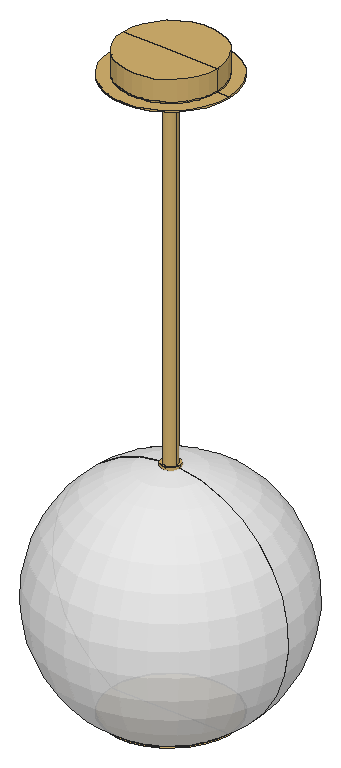
Revit family "3-691 Terra Pendant", category Lighting Fixtures, host Ceiling, Revit 2018
Family settings
  Host = Ceiling
  Round Connector Dimension = Use Diameter
  Part Type = Normal
  OmniClass Number = 23.80.70.11
  OmniClass Title = Luminaries for Internal Lighting
  Always vertical = Yes
  Cut with Voids When Loaded = No
  Light Source = Yes
  Shared = No
  Room Calculation Point = No
Parameters (values of type "3-691-40 / Aged Brass - Matte Opal Glass")
  Wattage Comments = "11.8 W at 120 V"  # constant formula
  Wattage = 11.78 W
  built-in parameter 1150110 = 1 (stored number, unit not read)
  Voltage Input = "120 V or 277 V - 50/60 Hz"  # constant formula
  Voltage = 120 V
  URL = "www.oxygenlighting.com"
  built-in parameter 1114217 = 1 (stored number, unit not read)
  Tilt Angle = 90.00°
  built-in parameter 1150109 = 1 (stored number, unit not read)
  built-in parameter 1150134 = (empty or 0)
  built-in parameter 1150113 = 1 (stored number, unit not read)
  References = "Ref. 3 = 120 V / Ref. 37 = 277 V"  # constant formula
  Photometric Web File = "3-691-40 Terra Pendant.ies"
  Model = "3-691-xx / Terra Pendant"  # constant formula
  Metal Finish = 40 - Aged Brass
  Manufacturer = "Oxygen - Lighting & Fans"  # constant formula
  Main Diffuser = Matte Opal Glass
  Lumens = 581.932 lm
  built-in parameter 1150115 = 1 (stored number, unit not read)
  built-in parameter 1150105 = 46.309 (stored number, unit not read)
  built-in parameter 1150137 = (empty or 0)
  built-in parameter 1150139 = (empty or 0)
  built-in parameter 1150112 = 1 (stored number, unit not read)
  built-in parameter 1150114 = 1 (stored number, unit not read)
  Lamp = "LED Array"  # constant formula
  built-in parameter 1150132 = (empty or 0)
  built-in parameter 1150102 = (empty or 0)
  built-in parameter 1150138 = (empty or 0)
  built-in parameter 1150107 = 3000 (stored number, unit not read)
  built-in parameter 1150106 = 0.46309 (stored number, unit not read)
  built-in parameter 1150104 = 4.5894 (stored number, unit not read)
  Dimming Lamp Color Temperature Shift = <None>
  Color Filter = 16777215
  built-in parameter 1114218 = 1 (stored number, unit not read)
  built-in parameter 1150133 = 10 (stored number, unit not read)
Types (4): name | Wattage | Metal Finish | Lumens | built-in parameter 1150105 | built-in parameter 1150106
  (no name) | 11.78 W | 40 - Aged Brass | 581.932 lm | 46.309 (stored number, unit not read) | 0.46309 (stored number, unit not read)
  3-691-15 / Black - Matte Opal Glass | 11.8 W | 15 - Black | 582.92 lm | 46.387 (stored number, unit not read) | 0.46387 (stored number, unit not read)
  3-691-24 / Satin Nickel - Matte Opal Glass | 11.8 W | 24 - Satin Nickel | 582.92 lm | 46.387 (stored number, unit not read) | 0.46387 (stored number, unit not read)
  3-691-40 / Aged Brass - Matte Opal Glass | 11.78 W | 40 - Aged Brass | 581.932 lm | 46.309 (stored number, unit not read) | 0.46309 (stored number, unit not read)
Reference planes (in)
  plane 1 "Light Source Axis (F/B)": y = 0
  plane 2 "Ceiling": z = 96
  plane 3 "Light Source Axis (L/R)": x = 0
  plane 4 "Light Source Elevation": z = 71.49259
Forms (in)
  Revolve 1, solid, material "40 - Aged Brass" <- "Metal Finish"
    sketch origin (0, 0, 0) x (1, 0, 0) y (0, 0, 1)
      loop
        line (0, 96) -> (0, 77.38496) -> (0.45276, 77.38496) -> (0.45276, 77.50307) -> (0.31496, 77.50307) -> (0.31496, 93.81496) -> (0.31496, 93.93307) -> (0.31496, 94.01181) -> (0.20669, 94.01181) -> (0.20669, 94.07087)
        arc (0.20669, 94.07087) -> (0.25783, 94.11561) -> (0.29948, 94.16929) r 0.35433
        line (0.29948, 94.16929) -> (0.43307, 94.16929) -> (0.43307, 94.60236) -> (0.47244, 94.64173) -> (0.47244, 94.6811) -> (0.62992, 94.6811) -> (0.62992, 94.87795) -> (2.95276, 94.87795) -> (2.95276, 94.93701) -> (2.32283, 94.93701)
        arc (2.32283, 94.93701) -> (2.35067, 94.94854) -> (2.3622, 94.97638) r 0.03937
        line (2.3622, 94.97638) -> (2.3622, 96) -> (0, 96)
      axis (0, 96) -> (0, 77.38496)
    angle from 0 to 360
  Revolve 2, solid, material "40 - Aged Brass" <- "Metal Finish"
    sketch origin (0, 0, 0) x (1, 0, 0) y (0, 0, 1)
      loop
        arc (0, 65.45291) -> (1.54055, 65.6776) -> (2.95276, 66.33294) r 5.3937
        line (2.95276, 66.33294) -> (2.9312, 66.36588) -> (0, 66.36588) -> (0, 65.45291)
      axis (0, 65.45291) -> (0, 66.36588)
    angle from 0 to 360
  Revolve 3, solid, material "Matte Opal Glass" <- "Main Diffuser"
    sketch origin (0, 0, 0) x (1, 0, 0) y (0, 0, 1)
      loop
        line (0, 66.36588) -> (2.9312, 66.36588)
        arc (2.9312, 66.36588) -> (5.75489, 72.81784) -> (0.3937, 77.38496) r 5.90551
        line (0.3937, 77.38496) -> (0, 77.38496) -> (0, 66.36588)
      axis (0, 66.36588) -> (0, 77.38496)
    angle from 0 to 360
Dimensions and locks (in)
  equal spacing: host sketch curve, plane 3 "Light Source Axis (L/R)", host sketch curve
  equal spacing: host sketch curve, plane 1 "Light Source Axis (F/B)", host sketch curve
  host sketch curve to host sketch curve = 10' - 0"  (x2)
  locked: plane 2 "Ceiling" to plane 4 "Light Source Elevation" at 24.50741
  locked: Revolve 1 sketch curve to Revolve 1 sketch curve at 2.3622
  locked: Revolve 1 sketch curve to Revolve 1 sketch curve at 2.95276
  locked: plane 2 "Ceiling" to Revolve 1 sketch curve at 1.12205
  locked: Revolve 1 sketch curve to Revolve 1 sketch curve at 0.31496
  locked: plane 2 "Ceiling" to Revolve 1 sketch curve at 18.61504
  aligned and locked: plane 3 "Light Source Axis (L/R)" to imposter light
  aligned and locked: plane 1 "Light Source Axis (F/B)" to imposter light
  aligned and locked: plane 4 "Light Source Elevation" to imposter light
  aligned and locked: Revolve 1 sketch curve to plane 3 "Light Source Axis (L/R)"
  aligned and locked: Revolve 1 sketch curve to Revolve 1 sketch curve
  aligned and locked: Revolve 1 sketch curve to host ceiling
  aligned and locked: Revolve 2 sketch curve to imposter light
  aligned and locked: imposter light to Revolve 2 sketch curve
  aligned and locked: Revolve 3 sketch curve to imposter light
  aligned and locked: imposter light to Revolve 3 sketch curve
Connectors (in)
  electrical at (0, 0, 96), driven by "Voltage"
    settings: on Revolve 1, index 1, voltage 120 V, apparent load 0 VA, apparent load phase1 0 VA, apparent load phase2 0 VA, apparent load phase3 0 VA, power factor 1, load classification "Other", number of poles 1, system type 31, power factor state 1, is connector primary yes, connector utility no, sub classification motor no, connector description ""
